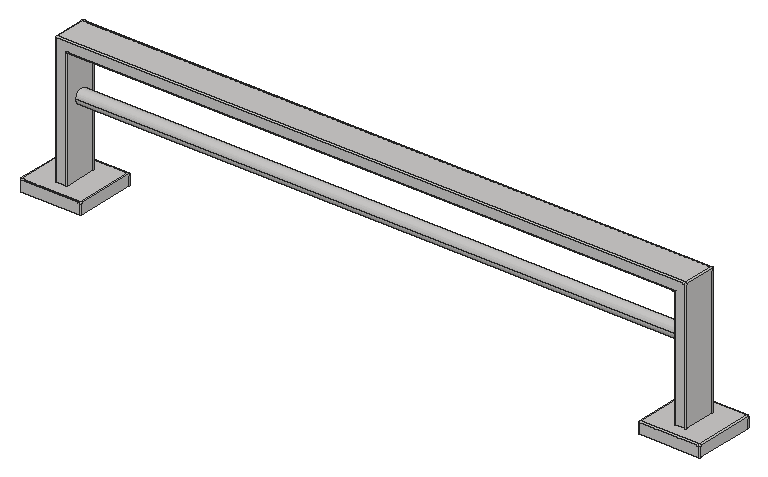
Revit family "PRD_FrankeWS_TwlRls_CUBUSDoubleTowelRail_CUBX002HP", category Specialty Equipment, host Face, Revit 2018
Family settings
  Host = Face
  Round Connector Dimension = Use Diameter
  Part Type = Normal
  OmniClass Number = 23.40.20.21.27
  OmniClass Title = Towel Bars
  Cut with Voids When Loaded = No
  Shared = No
  Room Calculation Point = No
Parameters (values of type "CUBX002HP")
  WarrantyStartDate [instance] = "1900-12-31T23:59:59"
  WarrantyGuarantorParts = "n/a"
  WarrantyGuarantorLabor = "n/a"
  WarrantyDurationUnit = "year"
  WarrantyDurationParts = "n/a"
  WarrantyDurationLabor = "n/a"
  WarrantyDescription = "n/a"
  Version = "1"
  Uniclass2015Version = "Products v1.17"
  Uniclass2015Title = "Towel rails"
  Uniclass2015Code = "Pr_40_20_76_90"
  URL = "www.kwc.com"
  TypeOfMounting = "Wall mounting"
  TypeOfFixing = "Screw"
  TagNumber [instance] = "n/a"
  SustainabilityPerformance = "n/a"
  Style = "Rail"
  Size = "600 x 54 x 125 mm"
  Shape = "n/a"
  SerialNumber [instance] = "n/a"
  Revision = "n/a"
  ReplacementCost = "n/a"
  RailMaterial = PRD_AR_StainlessSteel_HighPolished
  ProductInformation = "https://pim.kwc.com/product/2000106347/attachment/datasheet?locale=en"
  NominalWidth = 600.00 mm
  NominalHeight = 54.00 mm
  NominalDepth = 125.00 mm
  NetWeight = 0.70 kg
  Name = "Double Towel Rail CUBX002HP"
  NBSTypeID = "n/a"
  NBSReference = "45-35-72/372"
  NBSOfficeMasterTag = "n/a"
  NBSNote = "n/a"
  NBSDescription = "Towel rails"
  NBSCertification = "n/a"
  ModelReference = "CUBX002HP"
  ModelNumber = "2000106347"
  Model = ModelReference  # "CUBX002HP"
  MaterialCode = "1.4301"
  Material = "stainless steel"
  ManufacturerURL = "www.kwc.com"
  ManufacturerName = "KWC Group AG"  # constant formula
  Manufacturer = ManufacturerName  # "KWC Group AG"
  MainColor = "stainless steel"
  IsBuiltIn = "TRUE"
  IntegralAccessories = "incl. stainless steel screws and dowels"
  InstallationDate [instance] = "1900-12-31T23:59:59"
  IfcExportType = "USERDEFINED"
  IfcExportAs = "IfcFurnitureType"
  GrossWeight = 0.98 kg
  Grade = "n/a"
  Finish = "high polished"
  Features = "stainless steel, surface high polished"
  ExpectedLife = "n/a"
  DurationUnit = "year"
  Description = "Double towel rail for wall mounting, 304 stainless steel, square covers with drilled hole on bottom for fixation, inclusive stainless steel screws and dowels."
  Default Elevation = 1200.00 mm
  CreateOn = "05/2020"  # constant formula
  Constituents = "n/a"
  Color = "n/a"
  CodePerformance = "n/a"
  Category = "Pr_40_20_76_90, Towel rails"
  BarCode [instance] = "n/a"
  BIMObjectName = "PRD_AR_TowelRails_CUBUSDoubleTowelRail_CUBX002HP"
  Author = "Archispace"  # constant formula
  AssetType = "Fixed"
  AssetIdentifier [instance] = "n/a"
  AccessibilityPerformance = "n/a"
Reference planes
  plane 1 "Center (Front/Back)": y = 0
  plane 2: z = 0
  plane 3 "Center (Left/Right)": x = 0
  plane 4: through (0, 126.53, 100.48) normal (0, -0.7071, 0.7071)
  plane 5: through (0, -10.935, 59.177) normal (0, -0.1736, 0.9848)
  plane 6: y = 27
  plane 7: y = -27
  plane 8: x = -300
  plane 9: x = 300
  plane 10: x = 273
  plane 11: x = -273
Forms (mm)
  Extrusion 1, solid, material "PRD_AR_StainlessSteel_HighPolished" <- "RailMaterial", detail levels fine
    sketch origin (0, 0, 0) x (1, 0, 0) y (0, 1, 0)
      loop
        line (-300, 26) -> (-300, -26)
        arc (-300, -26) -> (-299.707, -26.707) -> (-299, -27) r 1
        line (-299, -27) -> (-247, -27)
        arc (-247, -27) -> (-246.293, -26.707) -> (-246, -26) r 1
        line (-246, -26) -> (-246, 26)
        arc (-246, 26) -> (-246.293, 26.707) -> (-247, 27) r 1
        line (-247, 27) -> (-299, 27)
        arc (-299, 27) -> (-299.707, 26.707) -> (-300, 26) r 1
      loop
        arc (300, 26) -> (299.707, 26.707) -> (299, 27) r 1
        line (299, 27) -> (247, 27)
        arc (247, 27) -> (246.293, 26.707) -> (246, 26) r 1
        line (246, 26) -> (246, -26)
        arc (246, -26) -> (246.293, -26.707) -> (247, -27) r 1
        line (247, -27) -> (299, -27)
        arc (299, -27) -> (299.707, -26.707) -> (300, -26) r 1
        line (300, -26) -> (300, 26)
    from 0 to 10
  Sweep 2, void
    path in 3D
      loop
        arc (-300, -26, 10) -> (-299.707, -26.707, 10) -> (-299, -27, 10) r 1
        line (-299, -27, 10) -> (-247, -27, 10)
        arc (-247, -27, 10) -> (-246.293, -26.707, 10) -> (-246, -26, 10) r 1
        line (-246, -26, 10) -> (-246, 26, 10)
        arc (-246, 26, 10) -> (-246.293, 26.707, 10) -> (-247, 27, 10) r 1
        line (-247, 27, 10) -> (-299, 27, 10)
        arc (-299, 27, 10) -> (-299.707, 26.707, 10) -> (-300, 26, 10) r 1
        line (-300, 26, 10) -> (-300, -26, 10)
    profile origin (-300, 0, 10) x (1, 0, 0) y (0, 0, 1)
      loop
        line (0, 0) -> (0, -0.9)
        arc (0, -0.9) -> (0.264, -0.264) -> (0.9, 0) r 0.9
        line (0.9, 0) -> (0, 0)
  Sweep 3, void
    path in 3D
      loop
        arc (300, -26, 10) -> (299.707, -26.707, 10) -> (299, -27, 10) r 1
        line (299, -27, 10) -> (247, -27, 10)
        arc (247, -27, 10) -> (246.293, -26.707, 10) -> (246, -26, 10) r 1
        line (246, -26, 10) -> (246, 26, 10)
        arc (246, 26, 10) -> (246.293, 26.707, 10) -> (247, 27, 10) r 1
        line (247, 27, 10) -> (299, 27, 10)
        arc (299, 27, 10) -> (299.707, 26.707, 10) -> (300, 26, 10) r 1
        line (300, 26, 10) -> (300, -26, 10)
    profile origin (300, 0, 10) x (1, 0, 0) y (0, 0, 1)
      loop
        line (0, 0) -> (-0.9, 0)
        arc (-0.9, 0) -> (-0.264, -0.264) -> (0, -0.9) r 0.9
        line (0, -0.9) -> (0, 0)
  Sweep 4, solid, material "PRD_AR_StainlessSteel_HighPolished" <- "RailMaterial", detail levels fine
    path origin (0, 0, 0) x (1, 0, 0) y (0, 0, 1)
      loop
        line (-273, 10) -> (-273, 120) -> (273, 120) -> (273, 10)
    profile origin (-273, 0, 65) x (-1, 0, 0) y (0, -1, 0)
      loop
        line (5, -14) -> (5, 14)
        arc (5, 14) -> (4.707, 14.707) -> (4, 15) r 1
        line (4, 15) -> (-4, 15)
        arc (-4, 15) -> (-4.707, 14.707) -> (-5, 14) r 1
        line (-5, 14) -> (-5, -14)
        arc (-5, -14) -> (-4.707, -14.707) -> (-4, -15) r 1
        line (-4, -15) -> (4, -15)
        arc (4, -15) -> (4.707, -14.707) -> (5, -14) r 1
  Extrusion 5, void
    sketch origin (0, 0, 0) x (1, 0, 0) y (0, 0, 1)
      loop
        line (-278, 125) -> (-278, 124)
        arc (-278, 124) -> (-277.707, 124.707) -> (-277, 125) r 1
        line (-277, 125) -> (-278, 125)
      loop
        line (278, 125) -> (277, 125)
        arc (277, 125) -> (277.707, 124.707) -> (278, 124) r 1
        line (278, 124) -> (278, 125)
    from -20.589 to 15
  Extrusion 6, solid, material "PRD_AR_StainlessSteel_HighPolished" <- "RailMaterial", detail levels medium
    sketch origin (0, 0, 0) x (1, 0, 0) y (0, 1, 0)
      loop
        line (-300, 27) -> (-300, -27) -> (-246, -27) -> (-246, 27) -> (-300, 27)
      loop
        line (300, 27) -> (246, 27) -> (246, -27) -> (300, -27) -> (300, 27)
    from 0 to 10
  Sweep 7, solid, material "PRD_AR_StainlessSteel_HighPolished" <- "RailMaterial", detail levels medium
    path origin (0, 0, 0) x (1, 0, 0) y (0, 0, 1)
      loop
        line (-273, 10) -> (-273, 120) -> (273, 120) -> (273, 10)
    profile origin (-273, 0, 65) x (-1, 0, 0) y (0, -1, 0)
      loop
        line (5, -15) -> (5, 15) -> (-5, 15) -> (-5, -15) -> (5, -15)
  Extrusion 8, solid, material "PRD_AR_StainlessSteel_HighPolished" <- "RailMaterial", detail levels coarse
    sketch origin (0, 0, 0) x (1, 0, 0) y (0, 1, 0)
      loop
        line (-300, 27) -> (-300, -27) -> (300, -27) -> (300, 27) -> (-300, 27)
    from 0 to 125
  Sweep 9, solid, material "PRD_AR_StainlessSteel_HighPolished" <- "RailMaterial", detail levels medium+fine
    path origin (0, 0, 0) x (1, 0, 0) y (0, 0, 1)
      loop
        line (-268, 75) -> (268, 75)
    profile origin (0, 0, 75) x (0, 0, 1) y (0, -1, 0)
      loop
        circle (0, 0) r 6
Cuts and joins
  Sweep 2, Sweep 3 cuts Extrusion 1
  Extrusion 5 cuts Sweep 4
Lines and regions (mm)
  sketch lines
    curve 1: line (-300, 26, 10) -> (-300, -26, 10)
    curve 2: arc (-300, 26, 10) -> (-299.707, 26.707, 10) -> (-299, 27, 10) r 1
    curve 3: line (-247, 27, 10) -> (-299, 27, 10)
    curve 4: arc (-247, 27, 10) -> (-246.293, 26.707, 10) -> (-246, 26, 10) r 1
    curve 5: line (-246, -26, 10) -> (-246, 26, 10)
    curve 6: arc (-299, -27, 10) -> (-299.707, -26.707, 10) -> (-300, -26, 10) r 1
    curve 7: line (-299, -27, 10) -> (-247, -27, 10)
    curve 8: arc (-246, -26, 10) -> (-246.293, -26.707, 10) -> (-247, -27, 10) r 1
    curve 9: line (300, 26, 10) -> (300, -26, 10)
    curve 10: arc (300, 26, 10) -> (299.707, 26.707, 10) -> (299, 27, 10) r 1
    curve 11: line (247, 27, 10) -> (299, 27, 10)
    curve 12: arc (247, 27, 10) -> (246.293, 26.707, 10) -> (246, 26, 10) r 1
    curve 13: line (246, -26, 10) -> (246, 26, 10)
    curve 14: arc (299, -27, 10) -> (299.707, -26.707, 10) -> (300, -26, 10) r 1
    curve 15: line (299, -27, 10) -> (247, -27, 10)
    curve 16: arc (246, -26, 10) -> (246.293, -26.707, 10) -> (247, -27, 10) r 1
Dimensions and locks
  plane 1 "Center (Front/Back)" to plane 7 = 27.00 mm
  plane 1 "Center (Front/Back)" to plane 6 = 27.00 mm
  plane 8 to plane 3 "Center (Left/Right)" = 300.00 mm
  plane 3 "Center (Left/Right)" to plane 9 = 300.00 mm
  plane 11 to plane 3 "Center (Left/Right)" = 273.00 mm
  plane 3 "Center (Left/Right)" to plane 10 = 273.00 mm
  aligned and locked: plane 2 to host face
  aligned and locked: level to host face
